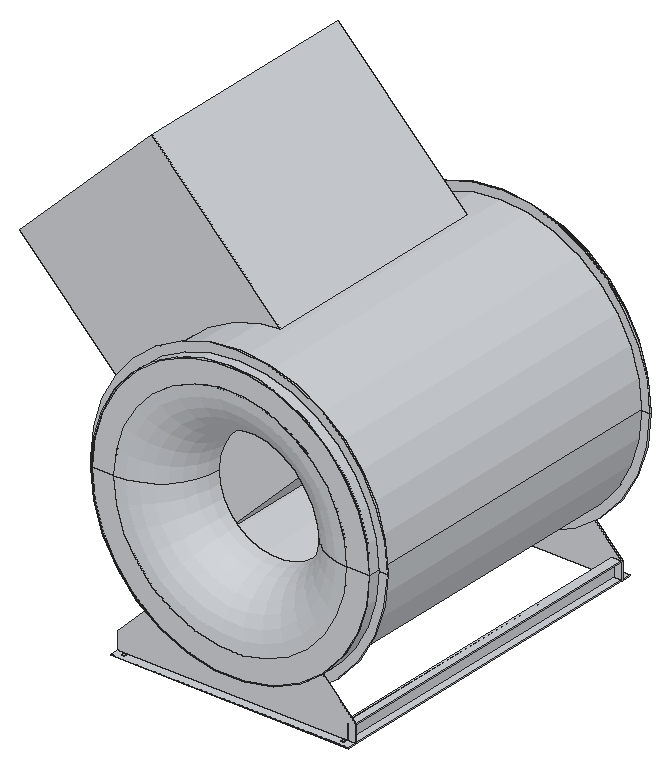
Revit family "QMX_Horizontal_Level_2", category Mechanical Equipment, Revit 2019
Family settings
  Round Connector Dimension = Use Radius
  Part Type = Normal
  OmniClass Number = 23.75.35.17
  OmniClass Title = Fans
  Work Plane-Based = No
  Always vertical = Yes
  Cut with Voids When Loaded = No
  Shared = No
  Room Calculation Point = No
Parameters (values of type "330-QMX_HOR_LEVEL_2")
  Unit Weight [instance] = ""
  Type_Mark [instance] = ""
  Sones [instance] = ""
  ROTATION = 45.00°  # constant formula
  POSITION [instance] = if(MOT_H, 84", if(MOT_G, 72", if(MOT_F, 60", if(MOT_E, 48", if(MOT_D, 36", if(MOT_C, 24", if(MOT_B, 12", 0")))))))  # 84"
  Motor RPM [instance] = ""
  Motor Enclosure [instance] = ""
  ModelID [instance] = ""
  MOT_H [instance] = yes
  MOT_G [instance] = no
  MOT_F [instance] = no
  MOT_E [instance] = no
  MOT_D [instance] = no
  MOT_C [instance] = no
  MOT_B [instance] = no
  MOT_A [instance] = no
  MOTOR_H [instance] = if(POSITION = 84", E - D, 1")  # 47 13/16"
  MOTOR_G [instance] = if(POSITION = 72", E - D, 1")  # 1"
  MOTOR_F [instance] = if(POSITION = 60", E - D, 1")  # 1"
  MOTOR_E [instance] = if(POSITION = 48", E - D, 1")  # 1"
  MOTOR_D [instance] = if(POSITION = 36", E - D, 1")  # 1"
  MOTOR_C [instance] = if(POSITION = 24", E - D, 1")  # 1"
  MOTOR_B [instance] = if(POSITION = 12", E - D, 1")  # 1"
  MOTOR_A [instance] = if(POSITION = 0", E - D, 1")  # 1"
  MCHALF = 15 149/256"
  MOTORCOVER = MCHALF * 2  # 31 21/128"
  LwA [instance] = ""
  H/2 = H / 2  # 11/32"
  H = 11/16"
  G/2 = G / 2  # 28 9/16"
  Fan RPM [instance] = ""
  Brake Hp [instance] = ""
  Accessories [instance] = ""
  90 = 90.00°  # constant formula
  45 = 45.00°
  3 = 3"  # constant formula
  1.9375 = 1 15/16"  # constant formula
  -B/3*2 = -B / 3 * 2  # -39"
  -(G/2)-.75 = -((G / 2) - 3/4")  # -27 13/16"
  (G/2)-.75 = (G / 2) - 3/4"  # 27 13/16"
  G+1.5 = G + 1 1/2"  # 58 5/8"
  G = 57 1/8"
  F/2 = F / 2  # 18 3/8"
  F-1.5 = F - 1 1/2"  # 35 1/4"
  F+1.5 = F + 1 1/2"  # 38 1/4"
  F = 36 3/4"
  E-D-1.5 = E - D - 1 1/2"  # 46 5/16"
  E-D = E - D  # 47 13/16"
  E = 74 13/16"
  D = 27"
  C/2 = C / 2  # 24 7/8"
  C = 49 3/4"
  B/8 = B / 6  # 9 3/4"
  B/6 = B / 6  # 9 3/4"
  B/3*2 = B / 3 * 2  # 39"
  B/2 = B / 2  # 29 1/4"
  B/10 = B / 10  # 5.85"
  B = 58 1/2"
  A/8 = A / 8  # 5 27/32"
  A/4 = A / 4  # 11 11/16"
  A/2 = A / 2  # 23 3/8"
  A = 46 3/4"
  0 = 0"  # constant formula
  Voltage [instance] = 0 V
  URL = "www.lorencook.com"
  Type Comments = "Mixed Flow Inline Horizontal Mount Level 2 Belt Drive Arrangement 9"  # constant formula
  Static Pressure [instance] = 0.00 in-wg
  Power [instance] = Voltage * Motor FLA * sqrt(if(Phase = 3, 3, 1))  # 0 VA
  Phase [instance] = 0
  Number of Poles [instance] = 1
  Motor Hp [instance] = "0"
  Motor FLA [instance] = 0 A
  Model = "QMX Level 2"  # constant formula
  Manufacturer = "Loren Cook Company"
  CFM [instance] = 0 CFM
  1.5 = 1 1/2"  # constant formula
  ONE EIGTH = 1/8"  # constant formula
  -(B/2) = -(B / 2)  # -29 1/4"
  (F+3)/2 = (F + 3") / 2  # 19 7/8"
  (A/2)-.125 = (A / 2) - 1/8"  # 23 1/4"
Types (19): name | POSITION | MOT_H | MOT_G | MOT_B | MOTOR_H | MOTOR_G | MOTOR_B | MCHALF | MOTORCOVER | H/2 | H | G/2 | -B/3*2 | -(G/2)-.75 | (G/2)-.75 | G+1.5 | G | F/2 | F-1.5 | F+1.5 | F | E-D-1.5 | E-D | E | D | C/2 | C | B/8 | B/6 | B/3*2 | B/2 | B/10 | B | A/8 | A/4 | A/2 | A | -(B/2) | (F+3)/2 | (A/2)-.125
  (no name) | 84" | yes | no | no | 47 13/16" | 1" | 1" | 15 149/256" | 31 21/128" | 11/32" | 11/16" | 28 9/16" | -39" | -27 13/16" | 27 13/16" | 58 5/8" | 57 1/8" | 18 3/8" | 35 1/4" | 38 1/4" | 36 3/4" | 46 5/16" | 47 13/16" | 74 13/16" | 27" | 24 7/8" | 49 3/4" | 9 3/4" | 9 3/4" | 39" | 29 1/4" | 5.85" | 58 1/2" | 5 27/32" | 11 11/16" | 23 3/8" | 46 3/4" | -29 1/4" | 19 7/8" | 23 1/4"
  90-QMX_HOR_LEVEL_2 | 84" | yes | no | no | 22 3/4" | 1" | 1" | 6" | 12" | 1/4" | 1/2" | 9 3/16" | -13 1/4" | -8 7/16" | 8 7/16" | 19 7/8" | 18 3/8" | 6 3/16" | 10 7/8" | 13 7/8" | 12 3/8" | 21 1/4" | 22 3/4" | 31 1/4" | 8 1/2" | 7 15/16" | 15 7/8" | 3 5/16" | 3 5/16" | 13 1/4" | 9 15/16" | 1.9875" | 19 7/8" | 1 77/128" | 3 13/64" | 6 13/32" | 12 13/16" | -9 15/16" | 7 11/16" | 6 9/32"
  120-QMX_HOR_LEVEL_2 | 84" | yes | no | no | 26 3/16" | 1" | 1" | 8" | 16" | 1/4" | 1/2" | 11 1/4" | -16" | -10 1/2" | 10 1/2" | 24" | 22 1/2" | 7 3/4" | 14" | 17" | 15 1/2" | 24 11/16" | 26 3/16" | 36 11/16" | 10 1/2" | 10 1/32" | 20 1/16" | 4" | 4" | 16" | 12" | 2.4" | 24" | 2 17/128" | 4 17/64" | 8 17/32" | 17 1/16" | -12" | 9 1/4" | 8 13/32"
  135-QMX_HOR_LEVEL_2 | 84" | yes | no | no | 27 3/8" | 1" | 1" | 9" | 18" | 1/4" | 1/2" | 12 3/4" | -18" | -12" | 12" | 27" | 25 1/2" | 8 3/4" | 16" | 19" | 17 1/2" | 25 7/8" | 27 3/8" | 39 3/8" | 12" | 11 1/8" | 22 1/4" | 4 1/2" | 4 1/2" | 18" | 13 1/2" | 2.7" | 27" | 2 13/32" | 4 13/16" | 9 5/8" | 19 1/4" | -13 1/2" | 10 1/4" | 9 1/2"
  150-QMX_HOR_LEVEL_2 | 84" | yes | no | no | 28 7/8" | 1" | 1" | 10" | 20" | 1/4" | 1/2" | 14 5/16" | -20" | -13 9/16" | 13 9/16" | 30 1/8" | 28 5/8" | 9 3/8" | 17 1/4" | 20 1/4" | 18 3/4" | 27 3/8" | 28 7/8" | 42 1/16" | 13 3/16" | 12 3/16" | 24 3/8" | 5" | 5" | 20" | 15" | 3" | 30" | 2 43/64" | 5 11/32" | 10 11/16" | 21 3/8" | -15" | 10 7/8" | 10 9/16"
  165-QMX_HOR_LEVEL_2 | 84" | yes | no | no | 29 5/16" | 1" | 1" | 10" | 20" | 1/4" | 1/2" | 15 13/16" | -22" | -15 1/16" | 15 1/16" | 33 1/8" | 31 5/8" | 10 13/32" | 19 5/16" | 22 5/16" | 20 13/16" | 27 13/16" | 29 5/16" | 43 5/8" | 14 5/16" | 13 1/4" | 26 1/2" | 5 1/2" | 5 1/2" | 22" | 16 1/2" | 3.3" | 33" | 2 15/16" | 5 7/8" | 11 3/4" | 23 1/2" | -16 1/2" | 11 29/32" | 11 5/8"
  180-QMX_HOR_LEVEL_2 | 84" | yes | no | no | 30 3/4" | 1" | 1" | 10" | 20" | 9/32" | 9/16" | 16 13/16" | -23.33333" | -16 1/16" | 16 1/16" | 35 1/8" | 33 5/8" | 11 13/32" | 21 5/16" | 24 5/16" | 22 13/16" | 29 1/4" | 30 3/4" | 46 1/4" | 15 1/2" | 14 5/16" | 28 5/8" | 5.83333" | 5.83333" | 23.33333" | 17 1/2" | 3 1/2" | 35" | 3 13/64" | 6 13/32" | 12 13/16" | 25 5/8" | -17 1/2" | 12 29/32" | 12 11/16"
  202-QMX_HOR_LEVEL_2 | 84" | yes | no | no | 32 11/16" | 1" | 1" | 10" | 20" | 9/32" | 9/16" | 18 1/16" | -25" | -17 5/16" | 17 5/16" | 37 5/8" | 36 1/8" | 12 1/8" | 22 3/4" | 25 3/4" | 24 1/4" | 31 3/16" | 32 11/16" | 49 15/16" | 17 1/4" | 15 7/8" | 31 3/4" | 6 1/4" | 6 1/4" | 25" | 18 3/4" | 3 3/4" | 37 1/2" | 3 19/32" | 7 3/16" | 14 3/8" | 28 3/4" | -18 3/4" | 13 5/8" | 14 1/4"
  225-QMX_HOR_LEVEL_2 | 84" | yes | no | no | 36 13/16" | 1" | 1" | 10 165/256" | 21 37/128" | 9/32" | 9/16" | 19 13/16" | -27.33333" | -19 1/16" | 19 1/16" | 41 1/8" | 39 5/8" | 13 15/32" | 25 7/16" | 28 7/16" | 26 15/16" | 35 5/16" | 36 13/16" | 55 13/16" | 19" | 17 15/32" | 34 15/16" | 6.83333" | 6.83333" | 27.33333" | 20 1/2" | 4.1" | 41" | 3 127/128" | 7 63/64" | 15 31/32" | 31 15/16" | -20 1/2" | 14 31/32" | 15 27/32"
  245-QMX_HOR_LEVEL_2 | 84" | yes | no | no | 38 1/2" | 1" | 1" | 11 149/256" | 23 21/128" | 11/32" | 11/16" | 21 9/16" | -29.66667" | -20 13/16" | 20 13/16" | 44 5/8" | 43 1/8" | 14 15/32" | 27 7/16" | 30 7/16" | 28 15/16" | 37" | 38 1/2" | 59" | 20 1/2" | 18 7/8" | 37 3/4" | 7.41667" | 7.41667" | 29.66667" | 22 1/4" | 4.45" | 44 1/2" | 4 11/32" | 8 11/16" | 17 3/8" | 34 3/4" | -22 1/4" | 15 31/32" | 17 1/4"
  270-QMX_HOR_LEVEL_2 | 12" | no | no | yes | 1" | 1" | 40 7/16" | 12 197/256" | 25 69/128" | 11/32" | 11/16" | 22 13/16" | -31.33333" | -22 1/16" | 22 1/16" | 47 1/8" | 45 5/8" | 15 1/2" | 29 1/2" | 32 1/2" | 31" | 38 15/16" | 40 7/16" | 62 7/8" | 22 7/16" | 20 21/32" | 41 5/16" | 7.83333" | 7.83333" | 31.33333" | 23 1/2" | 4.7" | 47" | 4 101/128" | 9 37/64" | 19 5/32" | 38 5/16" | -23 1/2" | 17" | 19 1/32"
  300-QMX_HOR_LEVEL_2 | 84" | yes | no | no | 43 5/16" | 1" | 1" | 14 43/256" | 28 43/128" | 11/32" | 11/16" | 26 5/16" | -36" | -25 9/16" | 25 9/16" | 54 1/8" | 52 5/8" | 16 7/8" | 32 1/4" | 35 1/4" | 33 3/4" | 41 13/16" | 43 5/16" | 68 1/16" | 24 3/4" | 22 3/4" | 45 1/2" | 9" | 9" | 36" | 27" | 5.4" | 54" | 5 5/16" | 10 5/8" | 21 1/4" | 42 1/2" | -27" | 18 3/8" | 21 1/8"
  330-QMX_HOR_LEVEL_2 | 84" | yes | no | no | 47 13/16" | 1" | 1" | 15 149/256" | 31 21/128" | 11/32" | 11/16" | 28 9/16" | -39" | -27 13/16" | 27 13/16" | 58 5/8" | 57 1/8" | 18 3/8" | 35 1/4" | 38 1/4" | 36 3/4" | 46 5/16" | 47 13/16" | 74 13/16" | 27" | 24 7/8" | 49 3/4" | 9 3/4" | 9 3/4" | 39" | 29 1/4" | 5.85" | 58 1/2" | 5 27/32" | 11 11/16" | 23 3/8" | 46 3/4" | -29 1/4" | 19 7/8" | 23 1/4"
  365-QMX_HOR_LEVEL_2 | 84" | yes | no | no | 50 7/16" | 1" | 1" | 17 1/4" | 34 1/2" | 13/32" | 13/16" | 31 11/16" | -42.66667" | -30 15/16" | 30 15/16" | 64 7/8" | 63 3/8" | 20 1/4" | 39" | 42" | 40 1/2" | 48 15/16" | 50 7/16" | 80 1/4" | 29 13/16" | 27 3/8" | 54 3/4" | 10.66667" | 10.66667" | 42.66667" | 32" | 6.4" | 64" | 6 15/32" | 12 15/16" | 25 7/8" | 51 3/4" | -32" | 21 3/4" | 25 3/4"
  402-QMX_HOR_LEVEL_2 | 72" | no | yes | no | 1" | 55 5/8" | 1" | 18 251/256" | 37 123/128" | 13/32" | 13/16" | 33 15/16" | -45.66667" | -33 3/16" | 33 3/16" | 69 3/8" | 67 7/8" | 22" | 42 1/2" | 45 1/2" | 44" | 54 1/8" | 55 5/8" | 88 5/16" | 32 11/16" | 29 31/32" | 59 15/16" | 11.41667" | 11.41667" | 45.66667" | 34 1/4" | 6.85" | 68 1/2" | 7 15/128" | 14 15/64" | 28 15/32" | 56 15/16" | -34 1/4" | 23 1/2" | 28 11/32"
  445-QMX_HOR_LEVEL_2 | 84" | yes | no | no | 58 7/8" | 1" | 1" | 21 5/256" | 42 5/128" | 13/32" | 13/16" | 36 11/16" | -49.33333" | -35 15/16" | 35 15/16" | 74 7/8" | 73 3/8" | 24 1/8" | 46 3/4" | 49 3/4" | 48 1/4" | 57 3/8" | 58 7/8" | 94 7/8" | 36" | 33 1/32" | 66 1/16" | 12.33333" | 12.33333" | 49.33333" | 37" | 7.4" | 74" | 7 113/128" | 15 49/64" | 31 17/32" | 63 1/16" | -37" | 25 5/8" | 31 13/32"
  490-QMX_HOR_LEVEL_2 | 84" | yes | no | no | 63 15/16" | 1" | 1" | 23 1/8" | 46 1/4" | 13/32" | 13/16" | 39 15/16" | -53.66667" | -39 3/16" | 39 3/16" | 81 3/8" | 79 7/8" | 26 3/8" | 51 1/4" | 54 1/4" | 52 3/4" | 62 7/16" | 63 15/16" | 103 3/8" | 39 7/16" | 36 1/4" | 72 1/2" | 13.41667" | 13.41667" | 53.66667" | 40 1/4" | 8.05" | 80 1/2" | 8 43/64" | 17 11/32" | 34 11/16" | 69 3/8" | -40 1/4" | 27 7/8" | 34 9/16"
  540-QMX_HOR_LEVEL_2 | 84" | yes | no | no | 67 5/8" | 1" | 1" | 25 123/256" | 50 123/128" | 13/32" | 13/16" | 43 3/16" | -58" | -42 7/16" | 42 7/16" | 87 7/8" | 86 3/8" | 29" | 56 1/2" | 59 1/2" | 58" | 66 1/8" | 67 5/8" | 110 15/16" | 43 5/16" | 39 25/32" | 79 9/16" | 14 1/2" | 14 1/2" | 58" | 43 1/2" | 8.7" | 87" | 9 71/128" | 19 7/64" | 38 7/32" | 76 7/16" | -43 1/2" | 30 1/2" | 38 3/32"
  600-QMX_HOR_LEVEL_2 | 84" | yes | no | no | 72 1/16" | 1" | 1" | 25 123/256" | 50 123/128" | 13/32" | 13/16" | 47 7/16" | -63.66667" | -46 11/16" | 46 11/16" | 96 3/8" | 94 7/8" | 32" | 62 1/2" | 65 1/2" | 64" | 70 9/16" | 72 1/16" | 122 1/16" | 50" | 44 3/16" | 88 3/8" | 15.91667" | 15.91667" | 63.66667" | 47 3/4" | 9.55" | 95 1/2" | 10 39/64" | 21 7/32" | 42 7/16" | 84 7/8" | -47 3/4" | 33 1/2" | 42 5/16"
Reference planes (in)
  plane 1 "Center (Front/Back)": y = 0
  plane 2: z = 0
  plane 3 "Center (Left/Right)": x = 0.40541
Forms (in)
  Extrusion 1, solid
    sketch origin (0, 0, 0) x (1, 0, 0) y (0, 0, 1)
      loop
        circle (0.40541, 0) r 23.375
      loop
        circle (0.40541, 0) r 23.25
    from -29.25 <- "-(B/2)" to 29.25 <- "B/2"
  Revolve 2, solid
    sketch origin (0, 0, 0) x (1, 0, 0) y (0, 1, 0)
      loop
        line (-22.84459, -29.25) -> (0.40541, -29.25) -> (0.40541, -19.5) -> (-22.84459, -19.5) -> (-22.84459, -29.25)
      axis (0.40541, -29.25) -> (0.40541, -19.5)
    angle from 0 to 360
  Revolve 3, void
    sketch origin (0, 0, 0) x (1, 0, 0) y (0, 1, 0)
      loop
        line (0.40541, -19.5) -> (-9.34459, -19.5)
        arc (-9.34459, -19.5) -> (-12.2003, -26.39429) -> (-19.09459, -29.25) r 9.75
        line (-19.09459, -29.25) -> (0.40541, -29.25) -> (0.40541, -19.5)
      axis (0.40541, -19.5) -> (0.40541, -29.25)
    angle from 0 to 360
  Revolve 4, solid
    sketch origin (0, 0, 0) x (1, 0, 0) y (0, 1, 0)
      loop
        line (0.40541, 29.25) -> (-9.34459, 29.25) -> (-9.34459, 0) -> (0.40541, 0) -> (0.40541, 29.25)
      axis (0.40541, 29.25) -> (0.40541, 0)
    angle from 0 to 360
  Revolve 5, solid
    sketch origin (0, 0, 0) x (1, 0, 0) y (0, 1, 0)
      loop
        line (-24.46959, 27.625) -> (-24.46959, 27.5) -> (-22.96959, 27.5) -> (-22.96959, 27.625) -> (-24.46959, 27.625)
      loop
        line (-24.46959, -27.375) -> (-24.46959, -27.5) -> (-22.96959, -27.5) -> (-22.96959, -27.375) -> (-24.46959, -27.375)
      axis (0.40541, 27.625) -> (0.40541, -27.5)
    angle from 0 to 360
  Extrusion 6, solid, visible <- "MOT_A"
    sketch origin (0.40541, 27.5, 0) x (-1, 0, 0) y (0, 0, -1)
      loop
        line (5.84375, 0) -> (-5.84375, 0) -> (-5.84375, -0.875) -> (5.84375, -0.875) -> (5.84375, 0)
    from 0 to 5.85 <- "B/10"
  Extrusion 7, solid, visible <- "MOT_A"
    sketch origin (0.40541, 21.65, 0) x (-1, 0, 0) y (0, 0, -1)
      loop
        line (15.58203, 0) -> (-15.58203, 0) -> (-15.58203, -1) -> (15.58203, -1) -> (15.58203, 0)
    from 0 to 39 <- "B/3*2"
  Extrusion 8, solid
    sketch origin (0, 0, 0) x (1, 0, 0) y (0, 0, 1)
      loop
        line (-19.46959, -24) -> (-19.46959, -24.125) -> (-18.09459, -24.125) -> (-18.09459, -26.875) -> (-19.46959, -26.875) -> (-19.46959, -27) -> (-17.96959, -27) -> (-17.96959, -24) -> (-19.46959, -24)
    from -27.8125 <- "-(G/2)-.75" to 27.8125 <- "(G/2)-.75"
  Extrusion 9, solid
    sketch origin (0.81082, 0, 0) x (-1, 0, 0) y (0, 0, -1)
      loop
        line (-19.46959, 24) -> (-17.96959, 24) -> (-17.96959, 27) -> (-19.46959, 27) -> (-19.46959, 26.875) -> (-18.09459, 26.875) -> (-18.09459, 24.125) -> (-19.46959, 24.125) -> (-19.46959, 24)
    from -27.8125 <- "-(G/2)-.75" to 27.8125 <- "(G/2)-.75"
  Extrusion 10, solid
    sketch origin (0, -27.8125, 0) x (1, 0, 0) y (0, 0, 1)
      loop
        line (20.28041, -27) -> (20.28041, -24) -> (14.74235, -18.46193)
        arc (14.74235, -18.46193) -> (0.40541, -23.375) -> (-13.93152, -18.46193) r 23.375
        line (-13.93152, -18.46193) -> (-19.46959, -24) -> (-19.46959, -27) -> (20.28041, -27)
    from 0 to 0.125
  Extrusion 11, solid
    sketch origin (0, 27.8125, 0) x (-1, 0, 0) y (0, 0, 1)
      loop
        line (19.46959, -27) -> (19.46959, -24) -> (13.93152, -18.46193)
        arc (13.93152, -18.46193) -> (-0.40541, -23.375) -> (-14.74235, -18.46193) r 23.375
        line (-14.74235, -18.46193) -> (-20.28041, -24) -> (-20.28041, -27) -> (19.46959, -27)
    from 0 to 0.125
  Extrusion 12, solid
    sketch origin (18.78041, 0, -27) x (0, -1, 0) y (-1, 0, 0)
      loop
        line (27.9375, -1.5) -> (29.4375, -1.5) -> (29.4375, 38.25) -> (27.9375, 38.25) -> (27.9375, -1.5)
      loop
        line (-27.9375, -1.5) -> (-27.9375, 38.25) -> (-29.4375, 38.25) -> (-29.4375, -1.5) -> (-27.9375, -1.5)
    from 0 to -0.125
  Extrusion 13, void
    sketch origin (18.78041, 0, -26.875) x (1, 0, 0) y (0, -1, 0)
      loop
        circle (0, 28.5625) r 0.34375
      loop
        circle (-36.75, 28.5625) r 0.34375
      loop
        circle (-36.75, -28.5625) r 0.34375
      loop
        circle (0, -28.5625) r 0.34375
    from 0 to 0.125
  Extrusion 14, solid, visible <- "MOT_B"
    sketch origin (0.40541, -17.35, 0) x (-1, 0, 0) y (0, 0, -1)
      loop
        line (11.01816, -11.01816) -> (-11.01816, 11.01816) -> (-11.72527, 10.31105) -> (10.31105, -11.72527) -> (11.01816, -11.01816)
    from 0 to -39 <- "-B/3*2"
  Extrusion 15, solid, visible <- "MOT_C"
    sketch origin (0.40541, -17.35, 0) x (-1, 0, 0) y (0, 0, -1)
      loop
        line (-1, -15.58203) -> (0, -15.58203) -> (0, 15.58203) -> (-1, 15.58203) -> (-1, -15.58203)
    from 0 to -39 <- "-B/3*2"
  Extrusion 16, solid, visible <- "MOT_D"
    sketch origin (0.40541, -17.35, 0) x (-1, 0, 0) y (0, 0, -1)
      loop
        line (11.01816, 11.01816) -> (10.31105, 11.72527) -> (-11.72527, -10.31105) -> (-11.01816, -11.01816) -> (11.01816, 11.01816)
    from 0 to -39 <- "-B/3*2"
  Extrusion 17, solid, visible <- "MOT_E"
    sketch origin (0.40541, -17.35, 0) x (-1, 0, 0) y (0, 0, -1)
      loop
        line (15.58203, 1) -> (-15.58203, 1) -> (-15.58203, 0) -> (15.58203, 0) -> (15.58203, 1)
    from 0 to -39 <- "-B/3*2"
  Extrusion 18, solid, visible <- "MOT_F"
    sketch origin (0.40541, -17.35, 0) x (-1, 0, 0) y (0, 0, -1)
      loop
        line (11.72527, -10.31105) -> (-10.31105, 11.72527) -> (-11.01816, 11.01816) -> (11.01816, -11.01816) -> (11.72527, -10.31105)
    from 0 to -39 <- "-B/3*2"
  Extrusion 19, solid, visible <- "MOT_G"
    sketch origin (0.40541, -17.35, 0) x (-1, 0, 0) y (0, 0, -1)
      loop
        line (1, -15.58203) -> (1, 15.58203) -> (0, 15.58203) -> (0, -15.58203) -> (1, -15.58203)
    from 0 to -39 <- "-B/3*2"
  Extrusion 20, solid, visible <- "MOT_H"
    sketch origin (0.40541, -17.35, 0) x (-1, 0, 0) y (0, 0, -1)
      loop
        line (22.79038, -44.8267) -> (44.8267, -22.79038) -> (11.01816, 11.01816) -> (-11.01816, -11.01816) -> (22.79038, -44.8267)
    from 0 to -39 <- "-B/3*2"
  Extrusion 21, solid, visible <- "MOT_B"
    sketch origin (0.40541, 21.65, 0) x (1, 0, 0) y (0, 0, -1)
      loop
        line (4.75087, 3.51344) -> (4.13216, 4.13216) -> (-4.13216, -4.13216) -> (-3.51344, -4.75087) -> (4.75087, 3.51344)
    from 0 to 5.85 <- "B/10"
  Extrusion 22, solid, visible <- "MOT_C"
    sketch origin (0.40541, 21.65, 0) x (1, 0, 0) y (0, 0, -1)
      loop
        line (0.875, -5.84375) -> (0.875, 5.84375) -> (0, 5.84375) -> (0, -5.84375) -> (0.875, -5.84375)
    from 0 to 5.85 <- "B/10"
  Extrusion 23, solid, visible <- "MOT_D"
    sketch origin (0.40541, 21.65, 0) x (1, 0, 0) y (0, 0, -1)
      loop
        line (4.75087, -3.51344) -> (-3.51344, 4.75087) -> (-4.13216, 4.13216) -> (4.13216, -4.13216) -> (4.75087, -3.51344)
    from 0 to 5.85 <- "B/10"
  Extrusion 24, solid, visible <- "MOT_E"
    sketch origin (0.40541, 21.65, 0) x (1, 0, 0) y (0, 0, -1)
      loop
        line (5.84375, 0.875) -> (-5.84375, 0.875) -> (-5.84375, 0) -> (5.84375, 0) -> (5.84375, 0.875)
    from 0 to 5.85 <- "B/10"
  Extrusion 25, solid, visible <- "MOT_F"
    sketch origin (0.40541, 21.65, 0) x (1, 0, 0) y (0, 0, -1)
      loop
        line (4.13216, 4.13216) -> (3.51344, 4.75087) -> (-4.75087, -3.51344) -> (-4.13216, -4.13216) -> (4.13216, 4.13216)
    from 0 to 5.85 <- "B/10"
  Extrusion 26, solid, visible <- "MOT_G"
    sketch origin (0.40541, 21.65, 0) x (1, 0, 0) y (0, 0, -1)
      loop
        line (0, -5.84375) -> (0, 5.84375) -> (-0.875, 5.84375) -> (-0.875, -5.84375) -> (0, -5.84375)
    from 0 to 5.85 <- "B/10"
  Extrusion 27, solid, visible <- "MOT_H"
    sketch origin (0.40541, 21.65, 0) x (1, 0, 0) y (0, 0, -1)
      loop
        line (-29.588, -37.85231) -> (4.13216, -4.13216) -> (-4.13216, 4.13216) -> (-37.85231, -29.588) -> (-29.588, -37.85231)
    from 0 to 5.85 <- "B/10"
Cuts and joins
  Revolve 3 cuts Revolve 2
  Extrusion 13 cuts Extrusion 8
  Extrusion 13 cuts Extrusion 9
  Extrusion 13 cuts Extrusion 10
  Extrusion 13 cuts Extrusion 11
  Extrusion 13 cuts Extrusion 12
Lines and regions (in)
  reference lines
    curve 1: line (0.40541, -27.8125, 0) -> (-33.40313, -27.8125, 33.80854)
    curve 2: line (0.40541, -27.8125, 0) -> (34.21396, -27.8125, 33.80854)
    curve 3: line (-33.40313, -27.8125, -33.80854) -> (0.40541, -27.8125, 0)
    curve 4: line (0.40541, -27.8125, 0) -> (34.21396, -27.8125, -33.80854)
Dimensions and locks (in)
  "0": Extrusion 1 sketch curve to level  (x2)
  "0": Revolve 2 sketch curve to plane 3 "Center (Left/Right)"  (x2)
  "0": Revolve 2 sketch curve to Extrusion 1
  "(A/2)-.125": Revolve 2 sketch curve to plane 3 "Center (Left/Right)"
  "B/8": Revolve 2 sketch curve to Extrusion 1
  "B/8": Revolve 3 sketch curve to plane 3 "Center (Left/Right)"
  "0": Revolve 3 sketch curve to Extrusion 1
  "0": Revolve 3 sketch curve to Revolve 2
  "0": Revolve 3 sketch curve to plane 3 "Center (Left/Right)"  (x2)
  "0": Revolve 4 sketch curve to plane 1 "Center (Front/Back)"
  "0": Revolve 4 sketch curve to plane 3 "Center (Left/Right)"  (x2)
  "B/8": Revolve 4 sketch curve to Revolve 4 sketch curve
  "ONE EIGTH": Revolve 5 sketch curve to Revolve 5 sketch curve  (x2)
  "A/2": Revolve 5 sketch curve to plane 3 "Center (Left/Right)"  (x2)
  "C/2": Revolve 5 sketch curve to plane 3 "Center (Left/Right)"  (x2)
  "0": Revolve 5 sketch curve to plane 3 "Center (Left/Right)"
  "(F+3)/2": plane 3 "Center (Left/Right)" to Extrusion 8 sketch curve
  "3": Extrusion 8 sketch curve to Extrusion 8 sketch curve
  "ONE EIGTH": Extrusion 8 sketch curve to Extrusion 8 sketch curve  (x3)
  "1.5": Extrusion 8 sketch curve to Extrusion 8 sketch curve
  "D": level to Extrusion 8 sketch curve
  "3": Extrusion 9 sketch curve to Extrusion 9 sketch curve
  "ONE EIGTH": Extrusion 9 sketch curve to Extrusion 9 sketch curve  (x3)
  "1.5": Extrusion 9 sketch curve to Extrusion 9 sketch curve
  "D": level to Extrusion 9 sketch curve
  "(F+3)/2": Extrusion 9 sketch curve to plane 3 "Center (Left/Right)"
  "0": Extrusion 10 sketch curve to plane 3 "Center (Left/Right)"
  "0": level to Extrusion 10 sketch curve
  "0": Extrusion 9 to Extrusion 10 sketch curve  (x3)
  "0": Extrusion 10 sketch curve to Extrusion 8  (x2)
  "0": Extrusion 10 sketch curve to Extrusion 10 sketch curve
  Extrusion 9 to Extrusion 10 = 0"
  "0": Extrusion 10 to Extrusion 11 sketch curve
  "0": Extrusion 11 sketch curve to level
  "0": Extrusion 11 sketch curve to plane 3 "Center (Left/Right)"
  "0": Extrusion 12 sketch curve to Extrusion 8  (x2)
  "1.5": Extrusion 10 to Extrusion 12 sketch curve
  "0": Extrusion 12 sketch curve to Extrusion 10
  "0": Extrusion 9 to Extrusion 12 sketch curve
  "0": Extrusion 12 sketch curve to Extrusion 11
  "1.5": Extrusion 12 sketch curve to Extrusion 11
  "0": Extrusion 12 sketch curve to Extrusion 9
  "G/2": plane 1 "Center (Front/Back)" to Extrusion 13 sketch curve  (x2)
  "F/2": plane 3 "Center (Left/Right)" to Extrusion 13 sketch curve  (x2)
  "F/2": Extrusion 13 sketch curve to plane 3 "Center (Left/Right)"  (x2)
  "G/2": Extrusion 13 sketch curve to plane 1 "Center (Front/Back)"  (x2)
  "1.9375": cut or joined group of Extrusion 12, Extrusion 13 to Revolve 5 sketch curve  (x2)
  "0": Extrusion 1 to Revolve 4 sketch curve
  "0": curve 1 to level
  "0": plane 3 "Center (Left/Right)" to curve 1
  "E-D": curve 1 to curve 1
  "0": curve 2 to plane 3 "Center (Left/Right)"
  "0": curve 2 to level
  "E-D": curve 2 to curve 2
  "MCHALF": plane 3 "Center (Left/Right)" to Extrusion 7 sketch curve
  "MCHALF": Extrusion 7 sketch curve to plane 3 "Center (Left/Right)"
  "0": Extrusion 7 sketch curve to level
  "MOTOR_A": Extrusion 7 sketch curve to level
  "0": Extrusion 6 sketch curve to level
  "ONE EIGTH": Extrusion 7 to Extrusion 6 sketch curve
  "A/8": plane 3 "Center (Left/Right)" to Extrusion 6 sketch curve  (x2)
  "0": level to curve 3
  "0": level to curve 4
  "0": curve 4 to plane 3 "Center (Left/Right)"
  "0": plane 3 "Center (Left/Right)" to curve 3
  "E-D": curve 3 to curve 3
  "E-D": curve 4 to curve 4
  "MCHALF": Extrusion 14 sketch curve to curve 2
  "MCHALF": curve 2 to Extrusion 14 sketch curve
  "MOTOR_B": Extrusion 14 sketch curve to Extrusion 14 sketch curve
  "0": Extrusion 14 sketch curve to curve 4
  "0": Extrusion 15 sketch curve to plane 3 "Center (Left/Right)"
  "MOTOR_C": Extrusion 15 sketch curve to plane 3 "Center (Left/Right)"
  "MCHALF": Extrusion 15 sketch curve to level
  "MCHALF": level to Extrusion 15 sketch curve
  "0": Extrusion 16 sketch curve to curve 3
  "MOTOR_D": Extrusion 16 sketch curve to curve 3
  "MCHALF": curve 4 to Extrusion 16 sketch curve
  "MCHALF": Extrusion 16 sketch curve to curve 4
  "0": Extrusion 17 sketch curve to level
  "MOTOR_E": level to Extrusion 17 sketch curve
  "MCHALF": Extrusion 17 sketch curve to plane 3 "Center (Left/Right)"  (x2)
  "0": curve 1 to Extrusion 18 sketch curve
  "MOTOR_F": curve 1 to Extrusion 18 sketch curve
  "MCHALF": Extrusion 18 sketch curve to curve 3  (x2)
  "0": Extrusion 19 sketch curve to plane 3 "Center (Left/Right)"
  "MOTOR_G": plane 3 "Center (Left/Right)" to Extrusion 19 sketch curve
  "MCHALF": Extrusion 19 sketch curve to level
  "MCHALF": level to Extrusion 19 sketch curve
  "0": curve 3 to Extrusion 20 sketch curve
  "MOTOR_H": curve 3 to Extrusion 20 sketch curve
  "MCHALF": Extrusion 20 sketch curve to curve 1  (x2)
  "0": Extrusion 21 sketch curve to curve 4
  "ONE EIGTH": Extrusion 21 sketch curve to Extrusion 14
  "A/8": curve 2 to Extrusion 21 sketch curve  (x2)
  "0": Extrusion 22 sketch curve to plane 3 "Center (Left/Right)"
  "ONE EIGTH": Extrusion 22 sketch curve to Extrusion 15
  "A/8": level to Extrusion 22 sketch curve
  "A/8": Extrusion 22 sketch curve to level
  "ONE EIGTH": Extrusion 16 to Extrusion 23 sketch curve
  "0": curve 3 to Extrusion 23 sketch curve
  "A/8": Extrusion 23 sketch curve to curve 4
  "A/8": curve 4 to Extrusion 23 sketch curve
  "ONE EIGTH": Extrusion 17 to Extrusion 24 sketch curve
  "0": Extrusion 24 sketch curve to level
  "A/8": Extrusion 24 sketch curve to Extrusion 19  (x2)
  "0": curve 4 to Extrusion 25 sketch curve
  "ONE EIGTH": Extrusion 18 to Extrusion 25 sketch curve
  "A/8": Extrusion 25 sketch curve to curve 3  (x2)
  "A/8": level to Extrusion 26 sketch curve
  "A/8": Extrusion 26 sketch curve to level
  "0": plane 3 "Center (Left/Right)" to Extrusion 26 sketch curve
  "ONE EIGTH": Extrusion 26 sketch curve to Extrusion 19
  "ONE EIGTH": Extrusion 27 sketch curve to Extrusion 20
  "0": Extrusion 27 sketch curve to Extrusion 20
  "A/8": curve 1 to Extrusion 27 sketch curve  (x2)
  "A/2": radius of Extrusion 1 sketch curve
  "(A/2)-.125": radius of Extrusion 1 sketch curve
  "B/8": radius of Revolve 3 sketch curve
  "A/2": radius of Extrusion 10 sketch curve
  "A/2": radius of Extrusion 11 sketch curve
  "H/2": radius of Extrusion 13 sketch curve  (x4)
  "45": angle Extrusion 8 to Extrusion 10 sketch curve
  "45": angle Extrusion 10 sketch curve to Extrusion 9
  "45": angle Extrusion 11 sketch curve to Extrusion 10
  "45": angle Extrusion 10 to Extrusion 11 sketch curve
  "ROTATION": angle curve 1 to level
  "90": angle curve 2 to curve 1
  "45": angle level to curve 3
  "45": angle curve 4 to level
Automatic sketch dimensions
  Extrusion 1 sketch curve to Extrusion 1 sketch curve = 0"
  Extrusion 1 sketch curve to plane 3 "Center (Left/Right)" = 0"
  Revolve 2 sketch curve to Revolve 2 sketch curve = 0"
  plane 1 "Center (Front/Back)" to Revolve 2 sketch curve = 3.17163"
  Revolve 3 sketch curve to Revolve 3 sketch curve = 0"  (x3)
  Revolve 3 sketch curve to Revolve 3 sketch curve = 3"
  Revolve 4 sketch curve to plane 1 "Center (Front/Back)" = 0"
  Revolve 4 sketch curve to Revolve 4 sketch curve = 4"
  Revolve 5 sketch curve to Revolve 5 sketch curve = 1 1/2"
  Revolve 5 sketch curve to Revolve 5 sketch curve = 4"
  Extrusion 8 sketch curve to Extrusion 8 sketch curve = 1 3/8"
  Extrusion 9 sketch curve to Extrusion 9 sketch curve = 0"
  Extrusion 10 sketch curve to Extrusion 8 = 0"
  Extrusion 10 sketch curve to Extrusion 10 sketch curve = 0"
  Extrusion 11 sketch curve to Extrusion 8 = 0"  (x4)
Connectors (in)
  hvac at (0.40541, -29.25, 0), driven by "A/2"
    settings: on cut or joined group of Revolve 2, Revolve 3, index 1, duct flow 0 CFM, flow factor 0, pres drop 0.00 in-wg, loss coef 0, conn angle 0.00°, conn width 12", conn height 12", conn diameter 46 3/4", duct sys type 29, conn prof type 0, flow config 0, flow direction 1, loss method 0, conn ref index -1, conn util no, is conn primary yes, conn desc ""
  hvac at (0.40541, 29.25, 0), driven by "A/2"
    settings: on Extrusion 1, index 2, duct flow 0 CFM, flow factor 0, pres drop 0.00 in-wg, loss coef 0, conn angle 0.00°, conn width 12", conn height 12", conn diameter 46 3/4", duct sys type 29, conn prof type 0, flow config 0, flow direction 2, loss method 0, conn ref index -1, conn util no, is conn primary no, conn desc ""
  electrical at (0.40541, -27.5, 0)
    settings: on Revolve 5, index 3, voltage 0 V, apparent load 0 VA, apparent load phase1 0 VA, apparent load phase2 0 VA, apparent load phase3 0 VA, power factor 1, load classification "Other", number of poles 1, system type 31, power factor state 1, is connector primary yes, connector utility no, sub classification motor no, connector description ""
